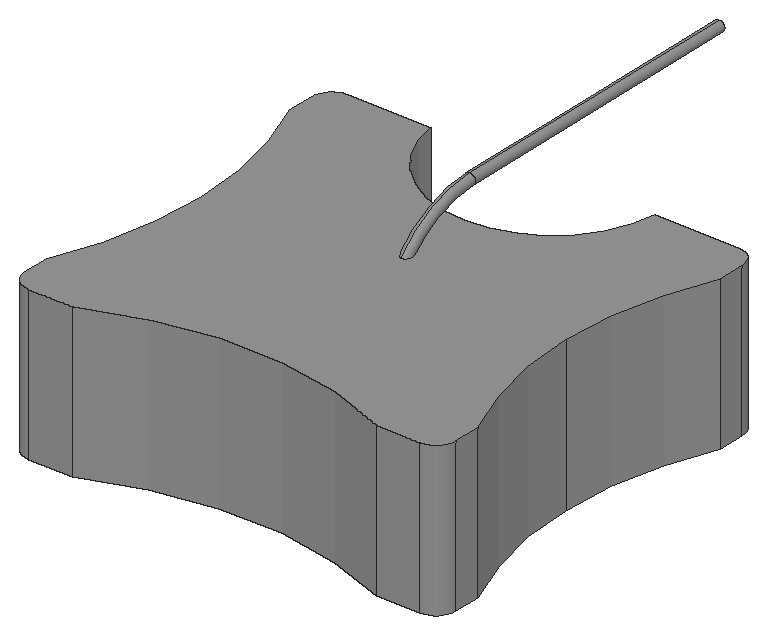
Revit family "Kødben med wire45-55-60", category Generic Models, Revit 2019
Family settings
  Can host rebar = No
  Round Connector Dimension = Use Diameter
  Part Type = Normal
  Work Plane-Based = Yes
  Always vertical = No
  Cut with Voids When Loaded = No
  Shared = No
  Room Calculation Point = No
Parameters
  concrete = GFRC
  Width = 65 mm
  Website Link = "https://haucon.dk/produkt/fiberbetonafstandsklods/#variations"
  Top Curve R = 17 mm
  Top Curve = 2 mm
  Thickness = 23 mm
  Test Report Sheet = "https://haucon.dk/wp-content/uploads/2016/04/1121005-FIBERBETONAFSTANDSKLODS-TEST-ENG-1.pdf"
  Technical Data Sheet = "https://haucon.dk/wp-content/uploads/2016/04/1121005-Fiberbetonafstandsklods-TDS-ENG.pdf"
  Side Curve R = 55 mm
  Side Curve = 50 mm
  Metal = Metal
  Height = 60 mm
  Default Elevation = 1219.2 mm
  Bottom Curve = 50 mm
Reference planes
  plane 1 "Center (Front/Back)": y = 0
  plane 2: z = 0
  plane 3 "Center (Left/Right)": x = 0
  plane 4: y = 60
  plane 5: x = 32.5
  plane 6: x = -32.5
  plane 7: x = 82.5
  plane 8: x = -82.5
  plane 9: y = 62
  plane 10: y = 30
  plane 11: y = -50
  plane 12: z = 23
  plane 13: z = 11.5
Forms (mm)
  Extrusion 1, solid, material "Concrete, Cast in Situ, Lightweight"
    sketch origin (0, 0, 0) x (1, 0, 0) y (0, 1, 0)
      loop
        arc (-32.5, 3) -> (-31.621, 0.879) -> (-29.5, 0) r 3
        line (-29.5, 0) -> (29.463, 0)
        arc (29.463, 0) -> (31.611, 0.889) -> (32.5, 3.037) r 3.037
        line (32.5, 3.037) -> (32.5, 56.972)
        arc (32.5, 56.972) -> (31.613, 59.113) -> (29.472, 60) r 3.028
        line (29.472, 60) -> (-29.512, 60)
        arc (-29.512, 60) -> (-31.625, 59.125) -> (-32.5, 57.012) r 2.988
        line (-32.5, 57.012) -> (-32.5, 3)
    from 0 to 23
  Extrusion 2, void
    sketch origin (0, 0, 0) x (1, 0, 0) y (0, 1, 0)
      loop
        circle (82.5, 30) r 55
    from 0 to 25
  Extrusion 3, void
    sketch origin (0, 0, 0) x (1, 0, 0) y (0, 1, 0)
      loop
        circle (-82.5, 30) r 55
    from 0 to 25
  Extrusion 4, void
    sketch origin (0, 0, 0) x (1, 0, 0) y (0, 1, 0)
      loop
        circle (0, -50) r 55
    from 0 to 25
  Extrusion 5, void
    sketch origin (0, 0, 0) x (1, 0, 0) y (0, 1, 0)
      loop
        circle (0, 62) r 17
    from 0 to 25
  Sweep 6, solid, material "Aluminum"
    path origin (0, 0, 0) x (0, 1, 0) y (0, 0, 1)
      loop
        line (93.25, 28) -> (46.25, 28)
        arc (46.25, 28) -> (29.75, 11.5) -> (46.25, -5) r 16.5
        line (46.25, -5) -> (93.25, -5)
    profile origin (0, 69.75, 28) x (0, 0, -1) y (1, 0, 0)
      loop
        circle (0, 0) r 0.796
Cuts and joins
  Extrusion 2, Extrusion 3, Extrusion 4, Extrusion 5 cuts Extrusion 1
Dimensions and locks
  equal spacing: plane 6, plane 3 "Center (Left/Right)", plane 5
  "Width": plane 6 to plane 5
  "Height": plane 1 "Center (Front/Back)" to plane 4
  "Side Curve": plane 8 to plane 6
  "Side Curve": plane 5 to plane 7
  "Top Curve": plane 9 to plane 4
  equal spacing: plane 4, plane 10, plane 1 "Center (Front/Back)"
  "Bottom Curve": plane 11 to plane 1 "Center (Front/Back)"
  equal spacing: plane 12, plane 13, level
  "Thickness": plane 12 to level
  "Side Curve R": radius of Extrusion 2 sketch curve
  "Side Curve R": radius of Extrusion 3 sketch curve
  "Side Curve R": radius of Extrusion 4 sketch curve
  "Top Curve R": radius of Extrusion 5 sketch curve
  aligned and locked: level to plane 2
  aligned and locked: Extrusion 1 sketch curve to plane 4
  aligned and locked: plane 6 to Extrusion 1 sketch curve
  aligned and locked: Extrusion 1 sketch curve to plane 5
  aligned and locked: Extrusion 1 sketch curve to plane 1 "Center (Front/Back)"
  aligned and locked: plane 10 to Extrusion 2 sketch curve
  aligned and locked: plane 7 to Extrusion 2 sketch curve
  aligned and locked: plane 8 to Extrusion 3 sketch curve
  aligned and locked: plane 10 to Extrusion 3 sketch curve
  aligned and locked: plane 11 to Extrusion 4 sketch curve
  aligned and locked: plane 3 "Center (Left/Right)" to Extrusion 4 sketch curve
  aligned and locked: plane 9 to Extrusion 5 sketch curve
  aligned and locked: plane 3 "Center (Left/Right)" to Extrusion 5 sketch curve
  aligned and locked: plane 12 to cut or joined group of Extrusion 1, Extrusion 2, Extrusion 3, Extrusion 4, Extrusion 5
Automatic sketch dimensions
  Extrusion 1 sketch curve to plane 4 = 2.988 mm
  Extrusion 1 sketch curve to plane 1 "Center (Front/Back)" = 3 mm
  Extrusion 1 sketch curve to plane 5 = 3.037 mm
  Extrusion 1 sketch curve to plane 4 = 3.028 mm
  Sweep 6 sketch curve to plane 13 = 0 mm
  plane 12 to Sweep 6 sketch curve = 5 mm
  Sweep 6 sketch curve to plane 4 = 13.75 mm
  plane 9 to Sweep 6 sketch curve = 31.25 mm  (x2)
  Sweep 6 sketch curve to plane 3 "Center (Left/Right)" = 0 mm
  Sweep 6 sketch curve to profile plane = 0 mm
  radius of Sweep 6 sketch curve = 0.796 mm
